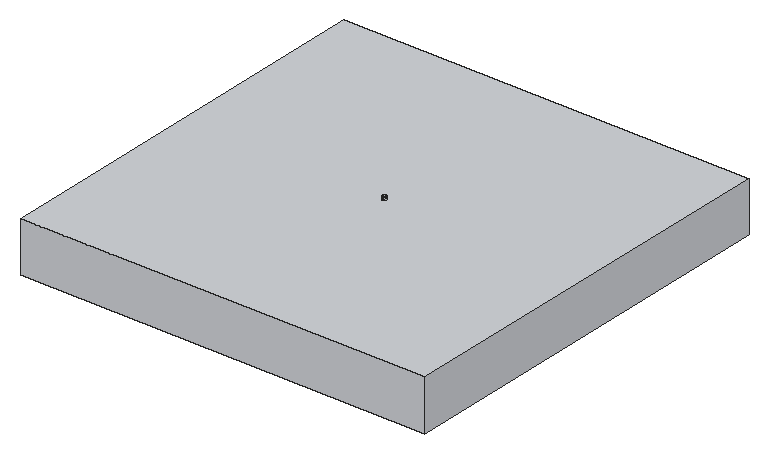
Revit family "Bolt KB-TZ2", category Modelos genéricos, Revit 2025 (continued)
Definition of nested family "Rod with Detail free"
  Definition of nested family "Rod Part"
    Automatic sketch dimensions
      SweptBlend 43 sketch curve to SweptBlend 43 sketch curve = 0.75 mm  (x2)
      SweptBlend 43 sketch curve to SweptBlend 43 sketch curve = 1.5 mm  (x2)
      SweptBlend 42 sketch curve to SweptBlend 42 sketch curve = 0.75 mm  (x4)
      profile plane to SweptBlend 42 sketch curve = 11.25 mm
      SweptBlend 43 sketch curve to profile plane = 0 mm
      profile plane to SweptBlend 43 sketch curve = 1.299 mm  (x2)
      profile plane to SweptBlend 43 sketch curve = 9 mm
      profile plane to SweptBlend 43 sketch curve = 0 mm
      profile plane to SweptBlend 43 sketch curve = 9.75 mm
      profile plane to SweptBlend 42 sketch curve = 0 mm
      SweptBlend 42 sketch curve to profile plane = 1.299 mm  (x2)
      profile plane to SweptBlend 42 sketch curve = 12 mm
      SweptBlend 42 sketch curve to profile plane = 0 mm
      SweptBlend 45 sketch curve to SweptBlend 45 sketch curve = 0.75 mm  (x2)
      SweptBlend 45 sketch curve to SweptBlend 45 sketch curve = 1.5 mm  (x2)
      SweptBlend 44 sketch curve to SweptBlend 44 sketch curve = 0.75 mm  (x4)
      profile plane to SweptBlend 44 sketch curve = 11.25 mm
      SweptBlend 45 sketch curve to profile plane = 0 mm
      profile plane to SweptBlend 45 sketch curve = 1.299 mm  (x2)
      profile plane to SweptBlend 45 sketch curve = 9 mm
      profile plane to SweptBlend 45 sketch curve = 0 mm
      profile plane to SweptBlend 45 sketch curve = 9.75 mm
      profile plane to SweptBlend 44 sketch curve = 0 mm
      SweptBlend 44 sketch curve to profile plane = 1.299 mm  (x2)
      profile plane to SweptBlend 44 sketch curve = 12 mm
      SweptBlend 44 sketch curve to profile plane = 0 mm
      SweptBlend 47 sketch curve to SweptBlend 47 sketch curve = 0.75 mm  (x2)
      SweptBlend 47 sketch curve to SweptBlend 47 sketch curve = 1.5 mm  (x2)
      SweptBlend 46 sketch curve to SweptBlend 46 sketch curve = 0.75 mm  (x4)
      profile plane to SweptBlend 46 sketch curve = 11.25 mm
      SweptBlend 47 sketch curve to profile plane = 0 mm
      profile plane to SweptBlend 47 sketch curve = 1.299 mm  (x2)
      profile plane to SweptBlend 47 sketch curve = 9 mm
      profile plane to SweptBlend 47 sketch curve = 0 mm
      profile plane to SweptBlend 47 sketch curve = 9.75 mm
      profile plane to SweptBlend 46 sketch curve = 0 mm
      SweptBlend 46 sketch curve to profile plane = 1.299 mm  (x2)
      profile plane to SweptBlend 46 sketch curve = 12 mm
      SweptBlend 46 sketch curve to profile plane = 0 mm
      SweptBlend 49 sketch curve to SweptBlend 49 sketch curve = 0.75 mm  (x2)
      SweptBlend 49 sketch curve to SweptBlend 49 sketch curve = 1.5 mm  (x2)
      SweptBlend 48 sketch curve to SweptBlend 48 sketch curve = 0.75 mm  (x4)
      profile plane to SweptBlend 48 sketch curve = 11.25 mm
      SweptBlend 49 sketch curve to profile plane = 0 mm
      profile plane to SweptBlend 49 sketch curve = 1.299 mm  (x2)
      profile plane to SweptBlend 49 sketch curve = 9 mm
      profile plane to SweptBlend 49 sketch curve = 0 mm
      profile plane to SweptBlend 49 sketch curve = 9.75 mm
      profile plane to SweptBlend 48 sketch curve = 0 mm
      SweptBlend 48 sketch curve to profile plane = 1.299 mm  (x2)
      profile plane to SweptBlend 48 sketch curve = 12 mm
      SweptBlend 48 sketch curve to profile plane = 0 mm
      SweptBlend 51 sketch curve to SweptBlend 51 sketch curve = 0.75 mm  (x2)
      SweptBlend 51 sketch curve to SweptBlend 51 sketch curve = 1.5 mm  (x2)
      SweptBlend 50 sketch curve to SweptBlend 50 sketch curve = 0.75 mm  (x4)
      profile plane to SweptBlend 50 sketch curve = 11.25 mm
      SweptBlend 51 sketch curve to profile plane = 0 mm
      profile plane to SweptBlend 51 sketch curve = 1.299 mm  (x2)
      profile plane to SweptBlend 51 sketch curve = 9 mm
      profile plane to SweptBlend 51 sketch curve = 0 mm
      profile plane to SweptBlend 51 sketch curve = 9.75 mm
      profile plane to SweptBlend 50 sketch curve = 0 mm
      SweptBlend 50 sketch curve to profile plane = 1.299 mm  (x2)
      profile plane to SweptBlend 50 sketch curve = 12 mm
      SweptBlend 50 sketch curve to profile plane = 0 mm
      SweptBlend 53 sketch curve to SweptBlend 53 sketch curve = 0.75 mm  (x2)
      SweptBlend 53 sketch curve to SweptBlend 53 sketch curve = 1.5 mm  (x2)
      SweptBlend 52 sketch curve to SweptBlend 52 sketch curve = 0.75 mm  (x4)
      profile plane to SweptBlend 52 sketch curve = 11.25 mm
      SweptBlend 53 sketch curve to profile plane = 0 mm
      profile plane to SweptBlend 53 sketch curve = 1.299 mm  (x2)
      profile plane to SweptBlend 53 sketch curve = 9 mm
      profile plane to SweptBlend 53 sketch curve = 0 mm
      profile plane to SweptBlend 53 sketch curve = 9.75 mm
      profile plane to SweptBlend 52 sketch curve = 0 mm
      SweptBlend 52 sketch curve to profile plane = 1.299 mm  (x2)
      profile plane to SweptBlend 52 sketch curve = 12 mm
      SweptBlend 52 sketch curve to profile plane = 0 mm
      SweptBlend 55 sketch curve to SweptBlend 55 sketch curve = 0.75 mm  (x2)
      SweptBlend 55 sketch curve to SweptBlend 55 sketch curve = 1.5 mm  (x2)
      SweptBlend 54 sketch curve to SweptBlend 54 sketch curve = 0.75 mm  (x4)
      profile plane to SweptBlend 54 sketch curve = 11.25 mm
      SweptBlend 55 sketch curve to profile plane = 0 mm
      profile plane to SweptBlend 55 sketch curve = 1.299 mm  (x2)
      profile plane to SweptBlend 55 sketch curve = 9 mm
      profile plane to SweptBlend 55 sketch curve = 0 mm
      profile plane to SweptBlend 55 sketch curve = 9.75 mm
      profile plane to SweptBlend 54 sketch curve = 0 mm
      SweptBlend 54 sketch curve to profile plane = 1.299 mm  (x2)
      profile plane to SweptBlend 54 sketch curve = 12 mm
      SweptBlend 54 sketch curve to profile plane = 0 mm
      plane 1 "Center (Front/Back)" to SweptBlend 2 sketch curve = 0 mm
      SweptBlend 2 sketch curve to plane 5 = 0 mm
      plane 1 "Center (Front/Back)" to SweptBlend 4 sketch curve = 0 mm
      SweptBlend 4 sketch curve to plane 5 = 0 mm
